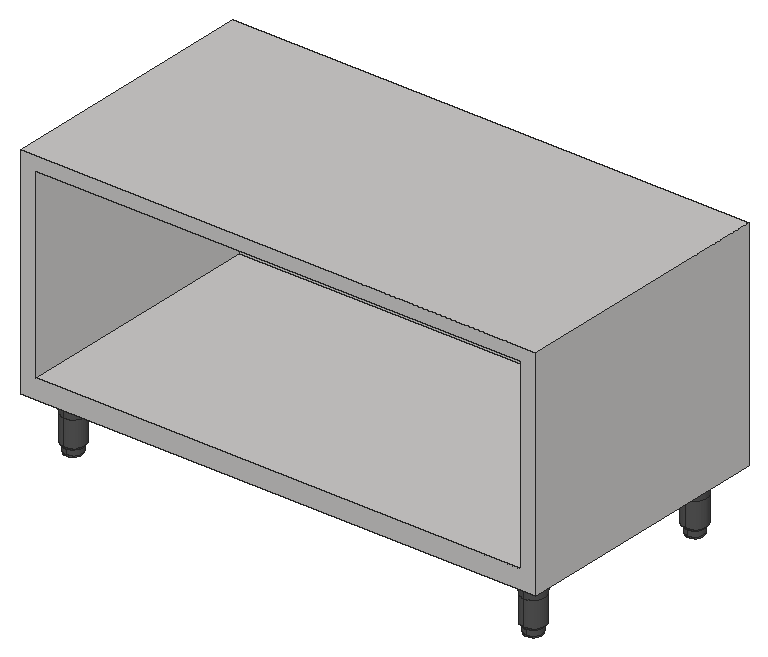
Revit family "QF_CAPIC_AVEN_W543025", category Equipement spécialisé, Revit 2018
Family settings
  Cote de connecteur circulaire = Utiliser le diamètre
  Type d'élément = Normal
  Numéro OmniClass = 23.40.40.14
  Titre OmniClass = Food Service Equipment
  Basée sur le plan de construction = Non
  Toujours verticalement = Oui
  Couper avec des vides une fois chargée = Non
  Partagée = Non
  Point de calcul de pièce = Non
Parameters (values of type "1200 mm")
  URL catalogue = "http://www.capic-fr.com/fr/"
  Type de Raccord Plomberie [instance] = ""
  Type de Raccord Electrique [instance] = ""
  Type de Gaz = ""
  Type article [instance] = ""
  Tension = 0 V
  Spécification du Fabricant = ""
  Show Logo = yes
  Remarques evacuation [instance] = ""
  Remarques Plomberie [instance] = ""
  Remarques Electricité [instance] = ""
  Puissance électrique  = 0 W
  Puissance Gaz kW = 0
  Profondeur hors tout = 648 mm
  Pression Maximum Eau Adoucie = 0.0 Pa
  Poids net à vide = 43.00 kg
  Phase = 0
  Modèle = "W543025"
  Longueur hors tout = 1200 mm
  Intensité nominale = 0 A
  Hauteur hors tout = 638 mm
  Hauteur de Raccordement du Sol Finis = 0 mm
  Hauteur de Raccordement Gaz du Sol Finis = 0 mm
  Hauteur de Raccordement Evacuation Directe du Sol Finis = 0 mm
  Hauteur de Raccordement Eau Froide du Sol Finis = 0 mm
  Hauteur de Raccordement Eau Chaude du Sol Finis = 0 mm
  Hauteur de Raccordement Eau Adoucie du Sol Finis = 0 mm
  Fréquence = 0 Hz
  Fabricant = "CAPIC"
  Etagere intermédiaire (option) [instance] = no
  Débit d'air d'extraction = 0.0 m³/h
  Débit Gaz = 0.0 L/s
  Débit Eau Froide = 0.0 L/s
  Débit Eau Chaude = 0.0 L/s
  Débit Eau Adoucie = 0.0 L/s
  Diamètre de Raccordement Gaz = 0 mm
  Diamètre de Raccordement Evacuation = 0 mm
  Diamètre de Raccordement Eau Froide = 0 mm
  Diamètre de Raccordement Eau Chaude = 0 mm
  Diamètre de Raccordement Eau Adoucie = 0 mm
  Description = "Placard ouvert"
  Assembly Code = ""
  Classification  Omniclass nombre et titre = "23.40.40.14"
Reference planes
  plane 1 "Centre (avant/arrière)": y = 0
  plane 2: z = 0
  plane 3 "Centre (gauche/droite)": x = 0
  plane 4: x = 1200
  plane 5: y = -662
  plane 6: y = -45
  plane 7: x = 25
  plane 8: x = 1175
  plane 9: y = -69
  plane 10: y = -539
  plane 11: x = 35
  plane 12: x = 1165
Forms (mm)
  Extrusion 1, solid, material "QF_Stainless Steel-Brushed"
    sketch origin (0, 0, 0) x (1, 0, 0) y (0, 1, 0)
      loop
        line (0, -45) -> (0, -662) -> (1200, -662) -> (1200, -45) -> (0, -45)
    from 130 to 638
  Extrusion 2, void
    sketch origin (0, 0, 0) x (1, 0, 0) y (0, 1, 0)
      loop
        line (35, -69) -> (35, -662) -> (1165, -662) -> (1165, -69) -> (35, -69)
    from 175 to 608
  Extrusion 3, solid, material "QF_Stainless Steel-Brushed", visible <- "Etagere intermédiaire (option)"
    sketch origin (0, 0, 0) x (1, 0, 0) y (0, 1, 0)
      loop
        line (35, -69) -> (35, -662) -> (1165, -662) -> (1165, -69) -> (35, -69)
    from 370 to 400
Cuts and joins
  Extrusion 2 cuts Extrusion 1
Dimensions and locks
  "Longueur hors tout": plane 3 "Centre (gauche/droite)" to plane 4
  plane 5 to plane 6 to plane 1 "Centre (avant/arrière)" = 617 mm locked, 45 mm locked
  plane 6 to plane 9 to plane 10 = 24 mm locked, 470 mm locked
  locked: plane 3 "Centre (gauche/droite)" to plane 7 at 25
  locked: plane 8 to plane 4 at 25
  locked: plane 3 "Centre (gauche/droite)" to plane 11 at 35
  locked: plane 12 to plane 4 at 35
  aligned and locked: level to plane 2
  aligned and locked: plane 9 to nested 1
  aligned and locked: nested 1 to plane 7
  aligned and locked: plane 10 to nested 2
  aligned and locked: nested 2 to plane 7
  aligned and locked: plane 8 to nested 3
  aligned and locked: nested 3 to plane 9
  aligned and locked: plane 8 to nested 4
  aligned and locked: nested 4 to plane 10
  aligned and locked: Extrusion 2 sketch curve to plane 9
  aligned and locked: plane 11 to Extrusion 2 sketch curve
  aligned and locked: plane 5 to Extrusion 2 sketch curve
  aligned and locked: Extrusion 2 sketch curve to plane 12
Automatic sketch dimensions
  Extrusion 1 sketch curve to plane 3 "Centre (gauche/droite)" = 0 mm
  Extrusion 1 sketch curve to plane 4 = 0 mm
  Extrusion 1 sketch curve to plane 5 = 0 mm
  Extrusion 1 sketch curve to plane 6 = 0 mm
  Extrusion 3 sketch curve to plane 5 = 0 mm
  Extrusion 3 sketch curve to plane 11 = 0 mm
  Extrusion 3 sketch curve to plane 12 = 0 mm
  Extrusion 3 sketch curve to plane 9 = 0 mm
Nested families
  nested 1: "QF_Details_Pied" at (13.5, -119, 0) x (0, -1, 0) z (0, 0, 1), type "QF_Details_Pied"
  nested 2: "QF_Details_Pied" at (13.5, -589, 0) x (0, -1, 0) z (0, 0, 1), type "QF_Details_Pied"
  nested 3: "QF_Details_Pied" at (1083.5, -119, 0) x (0, -1, 0) z (0, 0, 1), type "QF_Details_Pied"
  nested 4: "QF_Details_Pied" at (1083.5, -589, 0) x (0, -1, 0) z (0, 0, 1), type "QF_Details_Pied"
Definition of nested family "QF_Details_Pied"
  Reference planes
    plane 1 "Centre (avant/arrière)": y = 0
    plane 2: z = 0
    plane 3 "Centre (gauche/droite)": x = 0
  Forms (mm)
    Extrusion 1, solid
      sketch origin (-137.492, 51.5, -340.756) x (1, 0, 0) y (0, 0, 1)
        loop
          line (87.492, 481.756) -> (87.492, 472.756) -> (187.492, 472.756) -> (187.492, 481.756) -> (87.492, 481.756)
      from -40 to 40
    Revolve 2, solid
      sketch origin (0, 51.5, -9) x (1, 0, 0) y (0, 0, 1)
        loop
          line (0, 141) -> (0, 9) -> (19.21, 9) -> (19.21, 13) -> (20.21, 13) -> (20.21, 26) -> (21.71, 26) -> (26.66, 30.95) -> (26.66, 90.95) -> (31.468, 136.698) -> (36.246, 141) -> (0, 141)
        axis (0, 141) -> (0, 9)
      angle from 0 to 360
  Dimensions and locks
    aligned and locked: level to plane 2
    aligned and locked: Extrusion 1 to Revolve 2 sketch curve
